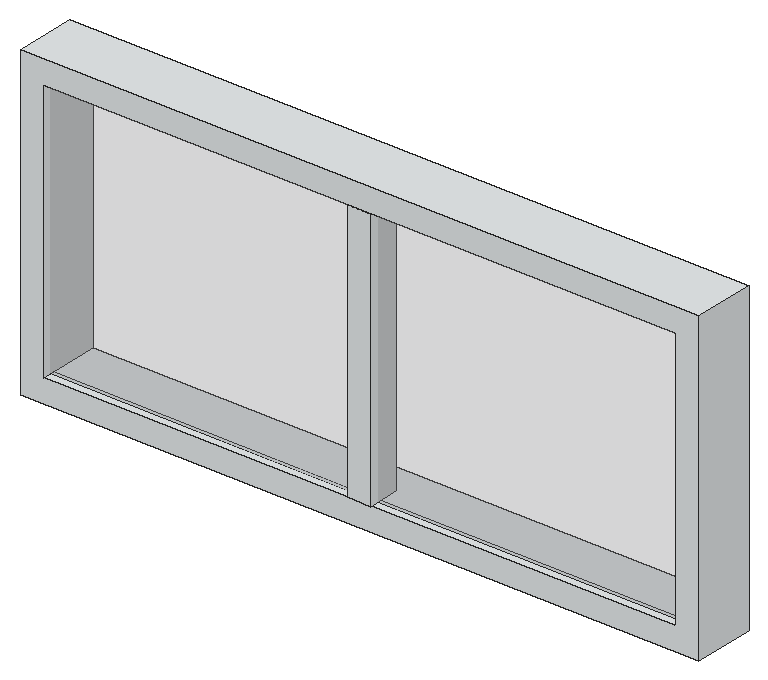
Revit family "CT_Janela_Painel_2Vid", category Windows, host Wall, Revit 2025
Family settings
  Host = Wall
  OmniClass Number = 23.30.20.00
  OmniClass Title = Windows
  Always vertical = Yes
  Cut with Voids When Loaded = No
  Shared = No
  Room Calculation Point = Yes
Parameters (values of type "JAN_100x220_FAC_2PA")
  Material_Vidro = CT_Vidros
  Material_Esquadria = CT_Esquadrias_Aluminio
  Height = 1.000 m
  Espess_Esquadria = 0.075 m
  Define Thermal Properties by = Schematic Type
  Default Sill Height = 0.800 m
  Wall Closure = By host
  Width = 2.200 m
  Analytic Construction = "<None>"
Types (2, lengths in m): name | Width
  JAN_100x220_FAC_2PA | 2.200
  JAN_100x230_FAC_2PA | 2.300
Reference planes (m)
  plane 1 "Center (Front/Back)": y = 0
  plane 2 "Center (Left/Right)": x = 0
  plane 3 "Left": x = -1.1
  plane 4 "Right": x = 1.1
  plane 5 "Sill": z = 0.8
  plane 6 "Head": z = 1.8
  plane 7 "Exterior": y = 0.1
  plane 8 "Interior": y = -0.1
Forms (m)
  Extrusion 1, solid, material "CT_Esquadrias_Aluminio" <- "Material_Esquadria"
    sketch origin (0, 0.1, 0) x (1, 0, 0) y (0, 0, 1)
      loop
        line (1.1, 1.8) -> (-1.1, 1.8) -> (-1.1, 0.8) -> (1.1, 0.8) -> (1.1, 1.8)
      loop
        line (1.025, 0.875) -> (1.025, 1.725) -> (-1.025, 1.725) -> (-1.025, 0.875) -> (1.025, 0.875)
    from 0 to 0.2
  Extrusion 2, solid, material "CT_Vidros" <- "Material_Vidro"
    sketch origin (0, 0.1, 0) x (1, 0, 0) y (0, 0, 1)
      loop
        line (1.025, 1.725) -> (0.0375, 1.725) -> (0.0375, 0.875) -> (1.025, 0.875) -> (1.025, 1.725)
      loop
        line (-0.0375, 1.725) -> (-1.025, 1.725) -> (-1.025, 0.875) -> (-0.0375, 0.875) -> (-0.0375, 1.725)
    from 0.162783 to 0.174766
  Extrusion 3, solid, material "CT_Esquadrias_Aluminio" <- "Material_Esquadria"
    sketch origin (0, 0.1, 0) x (-1, 0, 0) y (0, 0, 1)
      loop
        line (-0.0375, 0.875) -> (0.0375, 0.875) -> (0.0375, 1.725) -> (-0.0375, 1.725) -> (-0.0375, 0.875)
    from -0.1 to -0.2
Lines and regions (m)
  Opening 1
    outline origin (3.5, -0.1, 0) x (1, 0, 0) y (0, 0, 1)
      loop
        line (-2.4, 0.8) -> (-2.4, 1.8) -> (-4.6, 1.8) -> (-4.6, 0.8) -> (-2.4, 0.8)
Text (m)
  text "EXTERIOR" at (-1.963203, 1.332353, 0), in view "Ref. Level"
  text "INTERIOR" at (-1.981466, -0.818386, 0), in view "Ref. Level"
  text "Exterior" at (0, 0.923751, 2.943296), in view "Right"
  text "Exterior" at (0, 1.040484, 2.685409), in view "Left"
Dimensions and locks (m)
  equal spacing: plane 3 "Left", plane 2 "Center (Left/Right)", plane 4 "Right"
  "Width": plane 3 "Left" to plane 4 "Right"
  "Height": plane 5 "Sill" to plane 6 "Head"
  "Default Sill Height": plane 5 "Sill" to level
  locked: plane 7 "Exterior" to host wall
  locked: plane 8 "Interior" to host wall
  "Espess_Esquadria": Extrusion 1 sketch curve to Extrusion 1 sketch curve  (x3)
  plane 5 "Sill" to Extrusion 1 sketch curve to Extrusion 1 sketch curve = 0.000 m, 0.075 m
  locked: Extrusion 2 to Extrusion 1 at 0.025234
  locked: Extrusion 2 to Extrusion 2 at 0.011983
  aligned and locked: Extrusion 1 sketch curve to host wall  (x3)
  aligned and locked: plane 5 "Sill" to Extrusion 1
  aligned and locked: Extrusion 2 sketch curve to Extrusion 1  (x4)
  aligned and locked: plane 8 "Interior" to Extrusion 1
  aligned and locked: Extrusion 1 to plane 7 "Exterior"
  aligned and locked: Extrusion 1 to Extrusion 3 sketch curve
  aligned and locked: Extrusion 3 sketch curve to Extrusion 1
  aligned and locked: Extrusion 3 sketch curve to Extrusion 2  (x2)
  aligned and locked: Extrusion 3 to Extrusion 1  (x2)
  aligned and locked: Extrusion 3 to host wall
  aligned and locked: Extrusion 1 to Extrusion 3
Automatic sketch dimensions
  Opening 1 sketch curve to plane 3 "Left" = 0.000 m
  Opening 1 sketch curve to plane 4 "Right" = 0.000 m
  Opening 1 sketch curve to plane 5 "Sill" = 0.000 m
  Opening 1 sketch curve to plane 6 "Head" = 0.000 m
  plane 2 "Center (Left/Right)" to Extrusion 2 sketch curve = 0.0375 m
  Extrusion 2 sketch curve to plane 2 "Center (Left/Right)" = 0.0375 m
  Extrusion 2 sketch curve to plane 5 "Sill" = 0.075 m
  plane 6 "Head" to Extrusion 2 sketch curve = 0.075 m
